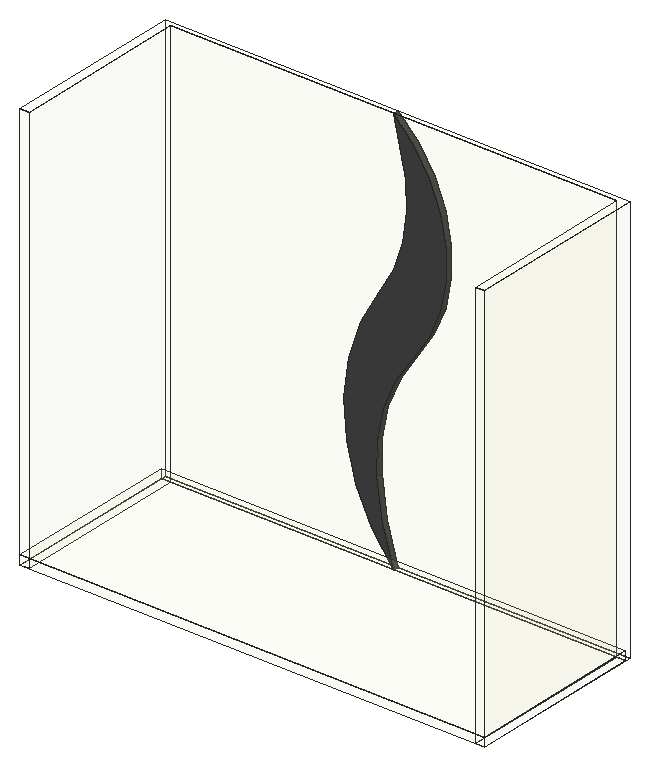
Revit family
Parameters (values of type "W250*H220")
  Wattage = 60 W
  built-in parameter 1150110 = 1 (stored number, unit not read)
  built-in parameter 1114217 = 1 (stored number, unit not read)
  built-in parameter 1150109 = 1 (stored number, unit not read)
  built-in parameter 1150134 = 4
  built-in parameter 1150113 = 1 (stored number, unit not read)
  Manufacturer = ""
  built-in parameter 1150115 = 1 (stored number, unit not read)
  built-in parameter 1150105 = 229.18 (stored number, unit not read)
  Light Source Symbol Size = 609.6 mm
  built-in parameter 1150137 = (empty or 0)
  built-in parameter 1150139 = (empty or 0)
  built-in parameter 1150112 = 1 (stored number, unit not read)
  built-in parameter 1150114 = 1 (stored number, unit not read)
  Lamp = ""
  Model = ""
  Lumens = 720 lm
  장착 높이 = 2000 mm
  조명 상자 재료2 = 검은색 금속
  조명 상자 재료1 = 파스텔 노란색 유리
  Wattage Comments = "60"
  조명 폭 = 250 mm
  조명 높이 = 220 mm
  built-in parameter 1150132 = (empty or 0)
  built-in parameter 1150102 = (empty or 0)
  built-in parameter 1150138 = (empty or 0)
  built-in parameter 1150107 = 2800 (stored number, unit not read)
  built-in parameter 1150106 = 2.2918 (stored number, unit not read)
  built-in parameter 1150104 = 1.1148 (stored number, unit not read)
  Dimming Lamp Color Temperature Shift = (empty or 0)
  Color Filter = 16777215
  built-in parameter 1114218 = 1 (stored number, unit not read)
  built-in parameter 1150133 = 10 (stored number, unit not read)
Types (4, lengths in mm): name | 조명 폭
  (no name) | 250
  W220*H220 | 220
  W200*H200 | 200
  W250*H220 | 250
Reference planes
  plane 1: y = 0
  plane 2 "광원 축": x = 0
  plane 3: z = 2080
  plane 4 "조명원 높이값": z = 2000
  plane 5 "광원 축": y = 76.2
Forms (mm)
  Extrusion 1, solid, material "파스텔 노란색 유리" <- "조명 상자 재료1"
    sketch origin (0, 0, 0) x (1, 0, 0) y (0, 1, 0)
      loop
        line (125, 174.174) -> (-125, 174.174) -> (-125, 76.2) -> (-120, 76.2) -> (-120, 171.2) -> (120, 171.2) -> (120, 76.2) -> (125, 76.2) -> (125, 174.174)
    from 2000 to 2220
  Extrusion 2, solid, material "파스텔 노란색 유리" <- "조명 상자 재료1"
    sketch origin (-1524, 76.2, 0) x (-1, 0, 0) y (0, 0, 1)
      loop
        line (-1649, 2000) -> (-1399, 2000) -> (-1399, 2005) -> (-1649, 2005) -> (-1649, 2000)
    from 0 to 95
  Extrusion 3, solid, material "검은색 금속" <- "조명 상자 재료2"
    sketch origin (-1524, 76.2, 0) x (-1, 0, 0) y (0, 0, 1)
      loop
        arc (-1524, 2220) -> (-1552.545, 2165.024) -> (-1534.649, 2105.721) r 82.268
        arc (-1534.649, 2105.721) -> (-1518.699, 2075.778) -> (-1514.967, 2042.057) r 90
        arc (-1514.967, 2042.057) -> (-1518.092, 2020.73) -> (-1524, 2000) r 163.197
        arc (-1524, 2000) -> (-1497.418, 2064.016) -> (-1516.074, 2130.775) r 106.017
        arc (-1516.074, 2130.775) -> (-1528.851, 2159.368) -> (-1530.406, 2190.648) r 85
        arc (-1530.406, 2190.648) -> (-1527.785, 2205.451) -> (-1524, 2220) r 189.707
    from 95 to 97.974
Lines and regions (mm)
  model lines, style "InvisibleLines"
    curve 1: line (0, 76.2, 2415) -> (0, 76.2, 0)
Text (mm)
  text "앞면" at (0, 1019.848, 3124.603), in view "오른쪽"
  text "앞면" at (-641.454, 723.012, 0), in view "바닥 선"
  text "앞면" at (0, 977.893, 2611.958), in view "왼쪽"
Dimensions and locks
  locked: plane 4 "조명원 높이값" to plane 3 at 80
  "장착 높이": level to plane 4 "조명원 높이값"
  "조명 높이": Extrusion 1 to Extrusion 1
  locked: Extrusion 2 sketch curve to Extrusion 2 sketch curve at 5
  "조명 폭": Extrusion 1 sketch curve to Extrusion 1 sketch curve
  equal spacing: Extrusion 1 sketch curve, plane 2 "광원 축", Extrusion 1 sketch curve
  aligned and locked: Extrusion 1 sketch curve to host wall
  aligned and locked: host wall to Extrusion 1 sketch curve
  aligned and locked: plane 4 "조명원 높이값" to Extrusion 1
  aligned and locked: Extrusion 2 sketch curve to Extrusion 1  (x3)
  aligned and locked: imposter light to plane 2 "광원 축"
  aligned and locked: plane 5 "광원 축" to host wall
  aligned and locked: plane 5 "광원 축" to imposter light
  aligned and locked: imposter light to plane 3
  aligned and locked: Extrusion 1 to Extrusion 3  (x2)
  aligned and locked: Extrusion 2 to Extrusion 1
Automatic sketch dimensions
  curve 1 to plane 2 "광원 축" = 0 mm
  curve 1 to level = 0 mm
  curve 1 to plane 3 = 335 mm
  Extrusion 1 sketch curve to Extrusion 1 sketch curve = 5 mm  (x2)
  Extrusion 1 sketch curve to plane 5 "광원 축" = 95 mm
  Extrusion 1 sketch curve to Extrusion 1 sketch curve = 2.974 mm
  Extrusion 3 sketch curve to plane 2 "광원 축" = 0 mm  (x2)
  Extrusion 3 sketch curve to plane 4 "조명원 높이값" = 0 mm
  plane 2 "광원 축" to Extrusion 3 sketch curve = 6.406 mm
  Extrusion 3 sketch curve to Extrusion 3 sketch curve = 0 mm  (x4)
  plane 2 "광원 축" to Extrusion 3 sketch curve = 10.649 mm
  plane 3 to Extrusion 3 sketch curve = 9.57 mm
  Extrusion 3 sketch curve to Extrusion 3 sketch curve = 68.592 mm
  Extrusion 3 sketch curve to Extrusion 3 sketch curve = 1.443 mm
  plane 3 to Extrusion 3 sketch curve = 25 mm
  Extrusion 3 sketch curve to Extrusion 3 sketch curve = 72.966 mm
  Extrusion 3 sketch curve to plane 2 "광원 축" = 7.926 mm
  Extrusion 3 sketch curve to plane 2 "광원 축" = 9.033 mm
  Extrusion 3 sketch curve to Extrusion 3 sketch curve = 45.442 mm
  Extrusion 3 sketch curve to Extrusion 3 sketch curve = 24.445 mm
